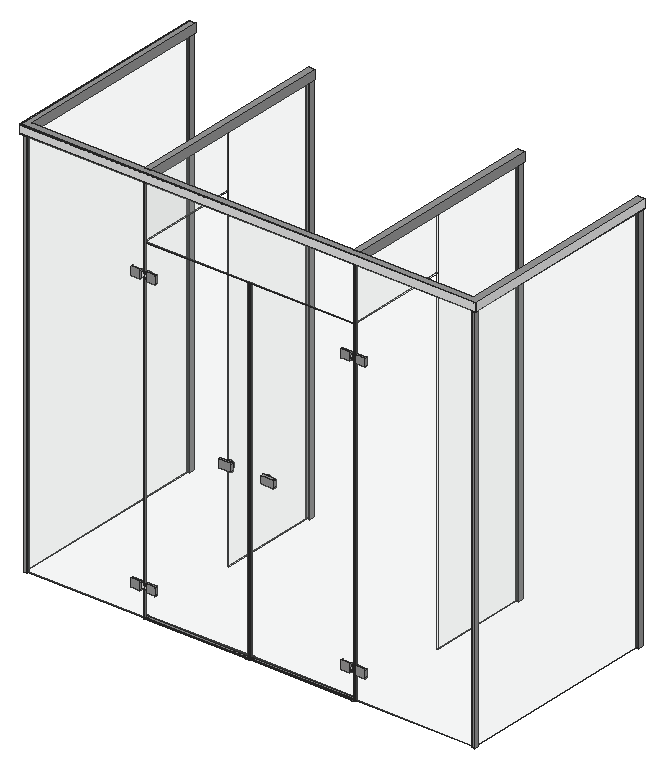
Revit family "Sanitary_Bath-screens_Modular system_Duscholux_SYSTEM210_S21-A", category Aparatos sanitarios, Revit 2019 (continued)
Definition of nested family "Lower- Guide"
  Dimensions and locks
    "built-in parameter 1001306": plane 3 "Izquierda" to plane 4 "Derecha"
    aligned and locked: plane 4 "Derecha" to curve 1
    aligned and locked: plane 1 "Centro (Frontal/Posterior)" to curve 1
    aligned and locked: plane 3 "Izquierda" to curve 1
    aligned and locked: level to plane 2
    aligned and locked: plane 4 "Derecha" to Extrusion 1
  Automatic sketch dimensions
    Extrusion 1 sketch curve to level = 0 mm  (x2)
    Extrusion 1 sketch curve to Extrusion 1 sketch curve = 0.4 mm  (x3)
    Extrusion 1 sketch curve to Extrusion 1 sketch curve = 0 mm  (x2)
    Extrusion 1 sketch curve to Extrusion 1 sketch curve = 1.5 mm  (x2)
    Extrusion 1 sketch curve to Extrusion 1 sketch curve = 1.454 mm
    Extrusion 1 sketch curve to level = 1.58 mm
    Extrusion 1 sketch curve to Extrusion 1 sketch curve = 3.301 mm
    level to Extrusion 1 sketch curve = 4.364 mm
    Extrusion 1 sketch curve to Extrusion 1 sketch curve = 2.632 mm
    Extrusion 1 sketch curve to level = 3.947 mm
    Extrusion 1 sketch curve to Extrusion 1 sketch curve = 2.921 mm
    Extrusion 1 sketch curve to Extrusion 1 sketch curve = 0.224 mm
    Extrusion 1 sketch curve to level = 3.111 mm
    Extrusion 1 sketch curve to Extrusion 1 sketch curve = 0.315 mm
    Extrusion 1 sketch curve to level = 5.874 mm
    Extrusion 1 sketch curve to Extrusion 1 sketch curve = 1.778 mm
    Extrusion 1 sketch curve to level = 1.508 mm
    Extrusion 1 sketch curve to level = 1.5 mm
    Extrusion 1 sketch curve to Extrusion 1 sketch curve = 0.003 mm
    level to Extrusion 1 sketch curve = 12 mm
    level to Extrusion 1 sketch curve = 0.15 mm
    plane 1 "Centro (Frontal/Posterior)" to Extrusion 1 sketch curve = 3 mm
    plane 1 "Centro (Frontal/Posterior)" to Extrusion 1 sketch curve = 3.5 mm
    Extrusion 1 sketch curve to Extrusion 1 sketch curve = 0.1 mm  (x2)
    Extrusion 1 sketch curve to plane 1 "Centro (Frontal/Posterior)" = 3 mm
    Extrusion 1 sketch curve to plane 1 "Centro (Frontal/Posterior)" = 3.5 mm
    Extrusion 1 sketch curve to Extrusion 1 sketch curve = 0.799 mm
    level to Extrusion 1 sketch curve = 3.802 mm
Definition of nested family "Handle-D4"
  Parameters (values of type "Handle-D4")
    Handle Visibility = yes
    Handle Material [instance] = none
    Default Elevation = 1219.2 mm
  Reference planes
    plane 1 "Centro (Frontal/Posterior)": y = 0
    plane 2: z = 0
    plane 3 "Centro (Izquierda/Derecha)": x = 0
    plane 4: z = 17
    plane 5: x = 26.33
    plane 6: x = -56.3
    plane 7: y = 25.94
    plane 8: y = -26.74
    plane 9: y = 18.94
    plane 10: x = 19.33
    plane 11: x = -49.3
    plane 12: y = -19.74
    plane 13: z = 27.017
  Forms (mm)
    Extrusion 1, solid
      sketch origin (0, 0, 0) x (1, 0, 0) y (0, 1, 0)
        loop
          line (-1219.2, 1219.2) -> (-1219.2, -1219.2) -> (1219.2, -1219.2) -> (1219.2, 1219.2) -> (-1219.2, 1219.2)
      from 0 to -304.8
    Blend 2, solid, material <- "Handle Material", visible <- "Handle Visibility"
      base sketch origin (0, 0, 0) x (1, 0, 0) y (0, 1, 0)
        loop
          circle (0, 0) r 22.026
      top sketch origin (0, 0, 0) x (1, 0, 0) y (0, 1, 0)
        loop
          circle (0, 0) r 23.473
      from 0 to 17
    Blend 3, solid, material <- "Handle Material", visible <- "Handle Visibility"
      base sketch origin (0, 0, 0) x (1, 0, 0) y (0, 1, 0)
        loop
          arc (-49.3, 25.94) -> (-54.25, 23.89) -> (-56.3, 18.94) r 7
          line (-56.3, 18.94) -> (-56.3, -19.74)
          arc (-56.3, -19.74) -> (-54.25, -24.69) -> (-49.3, -26.74) r 7
          line (-49.3, -26.74) -> (19.325, -26.74)
          arc (19.325, -26.74) -> (24.275, -24.69) -> (26.325, -19.74) r 7
          line (26.325, -19.74) -> (26.325, 18.94)
          arc (26.325, 18.94) -> (24.275, 23.89) -> (19.325, 25.94) r 7
          line (19.325, 25.94) -> (-49.3, 25.94)
      top sketch origin (0, 0, 0) x (1, 0, 0) y (0, 1, 0)
        loop
          line (19.325, 23.84) -> (-49.3, 23.84)
          arc (-49.3, 23.84) -> (-52.765, 22.405) -> (-54.2, 18.94) r 4.9
          line (-54.2, 18.94) -> (-54.2, -19.74)
          arc (-54.2, -19.74) -> (-52.765, -23.205) -> (-49.3, -24.64) r 4.9
          line (-49.3, -24.64) -> (19.325, -24.64)
          arc (19.325, -24.64) -> (22.79, -23.205) -> (24.225, -19.74) r 4.9
          line (24.225, -19.74) -> (24.225, 18.94)
          arc (24.225, 18.94) -> (22.79, 22.405) -> (19.325, 23.84) r 4.9
      from 17 to 27.017
  Cuts and joins
    joined: Blend 2, Blend 3
  Dimensions and locks
    aligned and locked: plane 2 to Extrusion 1
    aligned and locked: level to Extrusion 1
    aligned and locked: plane 4 to Blend 2
    aligned and locked: Blend 3 to plane 4
    aligned and locked: plane 13 to Blend 3
Types (22, lengths in mm): name | Uper profile guide | Opening System Image | Handle Material | Frame Material | Fact Sheet | Accesories Material
  (no name) | PanElle White_Duscholux Material | "" | Anodized Aluminium_Duscholux Material-Platinum Finish | Anodized Aluminium_Duscholux Material-Platinum Finish | "https://www.duscholux.es/es/Producto/System-210" | Anodized Aluminium_Duscholux Material-Platinum Finish
  Black Aluminium Finish | Anodized Aluminium_Duscholux Material-Black Finish | "" | Anodized Aluminium_Duscholux Material-Black Finish | Anodized Aluminium_Duscholux Material-Black Finish | "https://www.duscholux.es/es/Producto/System-210" | Anodized Aluminium_Duscholux Material-Black Finish
  Black Aluminium Finish Superior guide Concrete PanElle | PanElle Concrete_Duscholux Material | "" | Anodized Aluminium_Duscholux Material-Black Finish | Anodized Aluminium_Duscholux Material-Black Finish | "https://www.duscholux.es/es/Producto/System-210" | Anodized Aluminium_Duscholux Material-Black Finish
  Black Aluminium Finish Superior guide Basalt gray PanElle | PanElle Basalt Gray_Duscholux Material | "" | Anodized Aluminium_Duscholux Material-Black Finish | Anodized Aluminium_Duscholux Material-Black Finish | "https://www.duscholux.es/es/Producto/System-210" | Anodized Aluminium_Duscholux Material-Black Finish
  Black Aluminium Finish Superior guide Metal gray PanElle | PanElle Metal Gray_Duscholux Material | "" | Anodized Aluminium_Duscholux Material-Black Finish | Anodized Aluminium_Duscholux Material-Black Finish | "https://www.duscholux.es/es/Producto/System-210" | Anodized Aluminium_Duscholux Material-Black Finish
  Black Aluminium Finish Superior guide White PanElle | PanElle White_Duscholux Material | "" | Anodized Aluminium_Duscholux Material-Black Finish | Anodized Aluminium_Duscholux Material-Black Finish | "https://www.duscholux.es/es/Producto/System-210" | Anodized Aluminium_Duscholux Material-Black Finish
  Black Aluminium Finish Superior guide Quartz PanElle | PanElle Quartz_DuscholuxMaterial | "" | Anodized Aluminium_Duscholux Material-Black Finish | Anodized Aluminium_Duscholux Material-Black Finish | "https://www.duscholux.es/es/Producto/System-210" | Anodized Aluminium_Duscholux Material-Black Finish
  Black Aluminium Finish Superior guide Graphite PanElle | PanElle Graphite_DuscholuxMaterial | "" | Anodized Aluminium_Duscholux Material-Black Finish | Anodized Aluminium_Duscholux Material-Black Finish | "https://www.duscholux.es/es/Producto/System-210" | Anodized Aluminium_Duscholux Material-Black Finish
  Platinum Aluminium Finish | Anodized Aluminium_Duscholux Material-Platinum Finish | "" | Anodized Aluminium_Duscholux Material-Platinum Finish | Anodized Aluminium_Duscholux Material-Platinum Finish | "https://duscholux.es/mamparas_system210.aspx?es" | Anodized Aluminium_Duscholux Material-Platinum Finish
  Platinum Aluminium Finish Superior guide Basalt gray PanElle | PanElle Basalt Gray_Duscholux Material | "" | Anodized Aluminium_Duscholux Material-Platinum Finish | Anodized Aluminium_Duscholux Material-Platinum Finish | "https://www.duscholux.es/es/Producto/System-210" | Anodized Aluminium_Duscholux Material-Platinum Finish
  Platinum Aluminium Finish Superior guide Metal gray PanElle | PanElle Metal Gray_Duscholux Material | "" | Anodized Aluminium_Duscholux Material-Platinum Finish | Anodized Aluminium_Duscholux Material-Platinum Finish | "https://www.duscholux.es/es/Producto/System-210" | Anodized Aluminium_Duscholux Material-Platinum Finish
  Platinum Aluminium Finish Superior guide Concrete PanElle | PanElle Concrete_Duscholux Material | "" | Anodized Aluminium_Duscholux Material-Platinum Finish | Anodized Aluminium_Duscholux Material-Platinum Finish | "https://www.duscholux.es/es/Producto/System-210" | Anodized Aluminium_Duscholux Material-Platinum Finish
  Platinum Aluminium Finish Superior guide Graphite PanElle | PanElle Graphite_DuscholuxMaterial | "" | Anodized Aluminium_Duscholux Material-Platinum Finish | Anodized Aluminium_Duscholux Material-Platinum Finish | "https://www.duscholux.es/es/Producto/System-210" | Anodized Aluminium_Duscholux Material-Platinum Finish
  Platinum Aluminium Finish Superior guide Quartz PanElle | PanElle Quartz_DuscholuxMaterial | "" | Anodized Aluminium_Duscholux Material-Platinum Finish | Anodized Aluminium_Duscholux Material-Platinum Finish | "https://www.duscholux.es/es/Producto/System-210" | Anodized Aluminium_Duscholux Material-Platinum Finish
  Platinum Aluminium Finish Superior guide White PanElle | PanElle White_Duscholux Material | "" | Anodized Aluminium_Duscholux Material-Platinum Finish | Anodized Aluminium_Duscholux Material-Platinum Finish | "https://www.duscholux.es/es/Producto/System-210" | Anodized Aluminium_Duscholux Material-Platinum Finish
  Matte Silver Aluminium Finish | Anodized Aluminium_Duscholux Material-Matte Silver Finish | "https://duscholux.es/resources/custom/img/System21/S21_A.jpg" | Anodized Aluminium_Duscholux Material-Matte Silver Finish | Anodized Aluminium_Duscholux Material-Matte Silver Finish | "https://www.duscholux.es/es/Producto/System-210" | Anodized Aluminium_Duscholux Material-Matte Silver Finish
  Matte Silver Aluminium Finish Superior guide Basalt gray PanElle | PanElle Basalt Gray_Duscholux Material | "" | Anodized Aluminium_Duscholux Material-Matte Silver Finish | Anodized Aluminium_Duscholux Material-Matte Silver Finish | "https://www.duscholux.es/es/Producto/System-210" | Anodized Aluminium_Duscholux Material-Matte Silver Finish
  Matte Silver Aluminium Finish Superior guide Metal gray PanElle | PanElle Metal Gray_Duscholux Material | "" | Anodized Aluminium_Duscholux Material-Matte Silver Finish | Anodized Aluminium_Duscholux Material-Matte Silver Finish | "https://www.duscholux.es/es/Producto/System-210" | Anodized Aluminium_Duscholux Material-Matte Silver Finish
  Matte Silver Aluminium Finish Superior guide Concrete PanElle | PanElle Concrete_Duscholux Material | "" | Anodized Aluminium_Duscholux Material-Matte Silver Finish | Anodized Aluminium_Duscholux Material-Matte Silver Finish | "https://www.duscholux.es/es/Producto/System-210" | Anodized Aluminium_Duscholux Material-Matte Silver Finish
  Matte Silver Aluminium Finish Superior guide Graphite PanElle | PanElle Graphite_DuscholuxMaterial | "" | Anodized Aluminium_Duscholux Material-Matte Silver Finish | Anodized Aluminium_Duscholux Material-Matte Silver Finish | "https://www.duscholux.es/es/Producto/System-210" | Anodized Aluminium_Duscholux Material-Matte Silver Finish
  Matte Silver Aluminium Finish Superior guide Quartz PanElle | PanElle Quartz_DuscholuxMaterial | "" | Anodized Aluminium_Duscholux Material-Matte Silver Finish | Anodized Aluminium_Duscholux Material-Matte Silver Finish | "https://www.duscholux.es/es/Producto/System-210" | Anodized Aluminium_Duscholux Material-Matte Silver Finish
  Matte Silver Aluminium Finish Superior guide White PanElle | PanElle White_Duscholux Material | "" | Anodized Aluminium_Duscholux Material-Matte Silver Finish | Anodized Aluminium_Duscholux Material-Matte Silver Finish | "https://www.duscholux.es/es/Producto/System-210" | Anodized Aluminium_Duscholux Material-Matte Silver Finish
